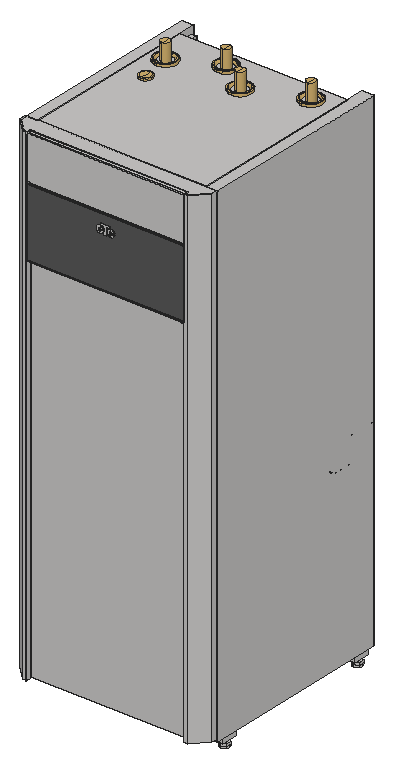
Revit family "HVAC_Heaters_Enertech_CTC-EcoPart-i600M", category Specialty Equipment, Revit 2018
Family settings
  Round Connector Dimension = Use Diameter
  Part Type = Normal
  OmniClass Number = 23.75.00.00
  OmniClass Title = Climate Control (HVAC)
  Work Plane-Based = No
  Always vertical = No
  Cut with Voids When Loaded = No
  Shared = No
  Room Calculation Point = No
Parameters (values of type "EcoPart i608M - 400V3N")
  Weight = "275 kg"
  WaterVolumeWaterSuply = "1.7 L"
  WaterVolumeHeathingSystem = "229 L"
  WarrantyStartDate [instance] = "n/a"
  WarrantyGuarantorParts = "n/a"
  WarrantyGuarantorLabor = "n/a"
  WarrantyDurationUnit = "Year"
  WarrantyDurationParts = "n/a"
  WarrantyDurationLabor = "n/a"
  WarrantyDescription = "n/a"
  VersionDate = "24/08/2021"  # constant formula
  Version = "1"  # constant formula
  UsageCurrent = 0 A
  Uniclass2015Reference = "Pr_40_70_65"
  Uniclass2015Description = "Preparation catering equipment"
  Uniclass2 = "Pr_40_70_65"
  URL = "https://ctc-heating.com/products/ground-source-heating"
  UNSPSCCode = "40101806"
  Type Comments = ""
  Touchscreen = "yes"
  TagNumber [instance] = "n/a"
  SustainabilityPerformance = "n/a"
  Status = "n/a"
  SpecifiedOutput = "6.08 kW"
  SoundPowerLWA = "34 dB"
  Sound pressureLPA 5m = "N/A"
  Sound pressureLPA 1m = "29 dB"
  Sound pressureLPA 10m = "N/A"
  Size = "673x596x1876 mm"
  Shape = "Rectangular"
  SerialNumber [instance] = "7310 xxxx xxxx"
  SEERWarm = "N/A"
  SEERModerate = "N/A"
  SEERCold = "N/A"
  SCOPWarm = "5.4"
  SCOPModerate = "5.4"
  SCOPCold = "5.6"
  Revision = "n/a"  # constant formula
  ReplacementCost = "n/a"
  RefrigerantType = "R407C"
  RefrigerantQuantity = "2.40 kg"
  ReferenceAirFlowRate = "N/A"
  Reference = "n/a"
  RatedVoltage = 1200 V
  RatedHeatOutputModerate = "7 kW"
  RatedCurrent = 15.2 A
  PumpMainMaterial = Stainless Steel
  ProductInformation = "The CTC EcoPart i600M is speed-controlled, compact geothermal heat pumps with control and separate hot water preparation. To fit most properties, the CTC EcoPart i600M is available in  in three sizes, which enables it to be utilised in most properties."
  Product data url = ""
  PowerFactor = 0 W
  PhaseReference = "n/a"
  PhaseAngle = 0.00°
  OutputRangeIimmersionHeater = "0.3-5.8 kW"
  OutputRange = "2.3-7.7 kW"
  NumberOfPoles = 3
  NominalWidth = 596 mm
  NominalVoltage = 400 V
  NominalHeight = 1579 mm
  NominalFrequencyRange = 50 Hz
  NominalDepth = 673 mm
  NominalCurrent = 0 A
  Name = "CTC-EcoPart-i600M"  # constant formula
  NBSReference = "90-40-40/320"
  NBSDescription = "Air to water heat pumps"
  ModelReference = "n/a"
  ModelNumber = "n/a"
  MinimumCeilingHeight = "1940 mm"
  MaxStartingCurrent = "N/A"
  MaxOperatingPressureThermalStore = "3 bar"
  MaxOperatingPressureHotWater = "10 bar"
  MaxAirFlowRate = "N/A"
  Material = "Steel/copper"
  ManufacturerURL = "https://ctc.se/"
  ManufacturerName = "Enertech AB"
  Model = "CTC EcoPart i608M"
  ManufacturerCountry = "Sweden"
  Manufacturer = "Enertech AB"
  InsulationStandardClass = "n/a"
  InstallationDate [instance] = "n/a"
  InPutPower = "1.27 kW"
  IfcExportType = "HEATER"  # constant formula
  IfcExportAs = "IfcElectricalDeviceCommon"  # constant formula
  IP_Code = "IP X1"
  HotTapWaterPerformance = "210 - 304 L"
  HasProtectiveEarth = yes
  GroupFuse = "16 A"
  Grade = "n/a"
  Finish = "n/a"
  Features = "n/a"
  ExpectedLife = "n/a"
  EnergyClass_HotWater_TapProfile = "A/XL"
  EnergyClassHeatingWithoutControl = "A+++/A+++"
  EnergyClassHeatingWithControl = "A+++/A+++"
  ElectricalDeviceNominalPower = 5800 W
  EANNumber = "n/a"
  DurationUnit = "Year"
  Description = "The CTC EcoPart i600M is speed-controlled, compact geothermal heat pumps with control and separate hot water preparation. To fit most properties, the CTC EcoPart i600M is available in  in three sizes, which enables it to be utilised in most properties."
  Cost = 0
  Constituents = "n/a"
  ConductorFunction = "n/a"
  Color = "white"
  CodePerformance = "n/a"
  Capacity = "Variable"
  COP = "4.78 kW"
  CO2Equivalent = "4.258 tonnes"
  BrineSystem_Min_MaxPressure = "0.2-3.0 bar"
  Barcode [instance] = "n/a"
  AssetIdentifier [instance] = "n/a"
  Category = "Heat pumps, Geothermal"
  Brand = "CTC"
  BIMObjectName = "HVAC_Heaters_Enertech_CTC-EcoPart-i600M"  # constant formula
  Author = "BIMStone"  # constant formula
  AssetType = "Fixed"
  Artikel nr. = ""
  AirFlow = "N/A"
  Accessories = ""
  AccessibilityPerformance = "n/a"
Types (3, lengths in mm): name | Weight | SpecifiedOutput | SoundPowerLWA | Sound pressureLPA 1m | SCOPWarm | SCOPModerate | SCOPCold | RefrigerantQuantity | RatedHeatOutputModerate | RatedCurrent | OutputRangeIimmersionHeater | OutputRange | Model | InPutPower | GroupFuse | ElectricalDeviceNominalPower | COP | CO2Equivalent
  EcoPart i608M - 400V3N | "275 kg" | "6.08 kW" | "34 dB" | "29 dB" | "5.4" | "5.4" | "5.6" | "2.40 kg" | "7 kW" | 15.2 A | "0.3-5.8 kW" | "2.3-7.7 kW" | "CTC EcoPart i608M" | "1.27 kW" | "16 A" | 5800 W | "4.78 kW" | "4.258 tonnes"
  EcoPart i612M - 400V3N | "275 kg" | "6.08 kW" | "39 dB" | "34 dB" | "5.2" | "5.4" | "5.5" | "2.40 kg" | "10 kW" | 22.7 A | "0.3-9 kW" | "2.3-12.1 kW" | "CTC EcoPart i612M" | "1.27 kW" | "25 A" | 9000 W | "4.78 kW" | "4.258 tonnes"
  EcoPart i616M - 400V3N | "278 kg" | "10.52 kW" | "42 dB" | "37 dB" | "5.2" | "5.2" | "5.5" | "2.20 kg" | "16 kW" | 23.8 A | "0.3-9 kW" | "4.2-15.6 kW" | "CTC EcoPart i616M" | "2.34 kW" | "25 A" | 9000 W | "4.50 kW" | "3.903 tonnes"
Reference planes
  plane 1 "Center (Front/Back)": y = 0
  plane 2: z = 0
  plane 3 "Center (Left/Right)": x = 0
  plane 4: z = 1579
  plane 5: y = 336.5
  plane 6: y = -336.5
  plane 7: x = -298
  plane 8: x = 298
Dimensions and locks
  "NominalHeight": plane 4 to level
  equal spacing: plane 5, plane 1 "Center (Front/Back)", plane 6
  "NominalDepth": plane 5 to plane 6
  equal spacing: plane 7, plane 3 "Center (Left/Right)", plane 8
  "NominalWidth": plane 7 to plane 8
  aligned and locked: level to plane 2
Nested families
  nested 1: "EcoPart-i600" at (0, 0, 0), Body <- "PumpMainMaterial", type "EcoPart-i600"
    with Pipes Brass, Glass Black, Body Stainless Steel
Definition of nested family "EcoPart-i600"
  Parameters (values of type "EcoPart-i612M")
    Pipes [instance] = none
    Glass [instance] = none
    Body [instance] = none
  Reference planes
    plane 1 "Center (Front/Back)": y = 0
    plane 2: z = 0
    plane 3 "Center (Left/Right)": x = 0
    plane 4: y = 336.701
    plane 5: y = -336.701
    plane 6: x = -298.5
    plane 7: x = 298.5
    plane 8: z = 1579
  Forms (mm)
    Extrusion 1, solid, material <- "Body", detail levels medium+fine
      sketch origin (0, 0, 0) x (1, 0, 0) y (0, 1, 0)
        loop
          line (297, 336.701) -> (264, 336.701)
          arc (264, 336.701) -> (263.293, 336.409) -> (263, 335.701) r 1
          line (263, 335.701) -> (263, -270.299)
          arc (263, -270.299) -> (263.293, -271.006) -> (264, -271.299) r 1
          line (264, -271.299) -> (297, -271.299)
          arc (297, -271.299) -> (297.707, -271.006) -> (298, -270.299) r 1
          line (298, -270.299) -> (298, 335.701)
          arc (298, 335.701) -> (297.707, 336.409) -> (297, 336.701) r 1
        loop
          arc (-297, 336.701) -> (-297.707, 336.409) -> (-298, 335.701) r 1
          line (-298, 335.701) -> (-298, -270.299)
          arc (-298, -270.299) -> (-297.707, -271.006) -> (-297, -271.299) r 1
          line (-297, -271.299) -> (-264, -271.299)
          arc (-264, -271.299) -> (-263.293, -271.006) -> (-263, -270.299) r 1
          line (-263, -270.299) -> (-263, 335.701)
          arc (-263, 335.701) -> (-263.293, 336.409) -> (-264, 336.701) r 1
          line (-264, 336.701) -> (-297, 336.701)
      from 40 to 1578
    Extrusion 2, solid, material <- "Body", detail levels medium+fine
      sketch origin (0, 0, 0) x (1, 0, 0) y (0, 1, 0)
        loop
          arc (-246.5, -336.701) -> (-245.439, -336.262) -> (-245, -335.201) r 1.5
          line (-245, -335.201) -> (-245, -323.601) -> (-245.8, -323.601) -> (-245.8, -335.201)
          arc (-245.8, -335.201) -> (-246.005, -335.696) -> (-246.5, -335.901) r 0.7
          line (-246.5, -335.901) -> (-256.169, -335.901) -> (-297.7, -294.37) -> (-297.7, -276.512) -> (-296.267, -274.465) -> (-296.922, -274.006) -> (-298.5, -276.26) -> (-298.5, -294.701) -> (-256.5, -336.701) -> (-246.5, -336.701)
        loop
          line (246.5, -336.701) -> (256.5, -336.701) -> (298.5, -294.701) -> (298.5, -276.26) -> (296.922, -274.006) -> (296.267, -274.465) -> (297.7, -276.512) -> (297.7, -294.37) -> (256.169, -335.901) -> (246.5, -335.901)
          arc (246.5, -335.901) -> (246.005, -335.696) -> (245.8, -335.201) r 0.7
          line (245.8, -335.201) -> (245.8, -323.601) -> (245, -323.601) -> (245, -335.201)
          arc (245, -335.201) -> (245.439, -336.262) -> (246.5, -336.701) r 1.5
      from 48.4 to 1579
    Extrusion 3, solid, material <- "Body", detail levels medium+fine
      sketch origin (0, 0, 0) x (1, 0, 0) y (0, 1, 0)
        loop
          line (-297.3, -278.84) -> (-297.3, -293.79)
          arc (-297.3, -293.79) -> (-297.224, -294.173) -> (-297.007, -294.497) r 1
          line (-297.007, -294.497) -> (-256.296, -335.209)
          arc (-256.296, -335.209) -> (-255.971, -335.425) -> (-255.589, -335.501) r 1
          line (-255.589, -335.501) -> (-247.2, -335.501)
          arc (-247.2, -335.501) -> (-246.493, -335.209) -> (-246.2, -334.501) r 1
          line (-246.2, -334.501) -> (-246.2, -317.001) -> (246.2, -317.001) -> (246.2, -334.501)
          arc (246.2, -334.501) -> (246.493, -335.209) -> (247.2, -335.501) r 1
          line (247.2, -335.501) -> (255.589, -335.501)
          arc (255.589, -335.501) -> (255.971, -335.425) -> (256.296, -335.209) r 1
          line (256.296, -335.209) -> (297.007, -294.497)
          arc (297.007, -294.497) -> (297.224, -294.173) -> (297.3, -293.79) r 1
          line (297.3, -293.79) -> (297.3, -278.84) -> (294.794, -274.499) -> (294.794, -271.299) -> (-294.794, -271.299) -> (-294.794, -274.499) -> (-297.3, -278.84)
      from 48.4 to 1578
    Extrusion 4, solid, material <- "Body", detail levels medium+fine
      sketch origin (0, 0, 0) x (0, 1, 0) y (0, 0, 1)
        loop
          arc (-334.201, 1579) -> (-335.262, 1578.561) -> (-335.701, 1577.5) r 1.5
          line (-335.701, 1577.5) -> (-335.701, 1439.9)
          arc (-335.701, 1439.9) -> (-335.262, 1438.839) -> (-334.201, 1438.4) r 1.5
          line (-334.201, 1438.4) -> (-325.701, 1438.4)
          arc (-325.701, 1438.4) -> (-324.994, 1438.693) -> (-324.701, 1439.4) r 1
          line (-324.701, 1439.4) -> (-324.701, 1578)
          arc (-324.701, 1578) -> (-324.994, 1578.707) -> (-325.701, 1579) r 1
          line (-325.701, 1579) -> (-334.201, 1579)
      from -245 to 245
    Extrusion 5, solid, material <- "Body", detail levels medium+fine
      sketch origin (0, 0, 16) x (0, 1, 0) y (0, 0, 1)
        loop
          line (-330.701, 1420.4) -> (-330.701, 1421.3)
          arc (-330.701, 1421.3) -> (-330.877, 1421.724) -> (-331.301, 1421.9) r 0.6
          line (-331.301, 1421.9) -> (-332.601, 1421.9)
          arc (-332.601, 1421.9) -> (-333.026, 1421.724) -> (-333.201, 1421.3) r 0.6
          line (-333.201, 1421.3) -> (-333.201, 1420.4) -> (-334.201, 1420.4) -> (-334.201, 1421.3)
          arc (-334.201, 1421.3) -> (-334.377, 1421.724) -> (-334.801, 1421.9) r 0.6
          line (-334.801, 1421.9) -> (-336.069, 1421.9) -> (-336.701, 1421.268) -> (-336.701, 1418.532) -> (-336.069, 1417.9) -> (-333.201, 1417.9) -> (-333.201, 1206.9) -> (-336.069, 1206.9) -> (-336.701, 1206.268) -> (-336.701, 1203.532) -> (-336.069, 1202.9) -> (-334.201, 1202.9) -> (-334.201, 1204.4) -> (-333.201, 1204.4) -> (-333.201, 1202.9) -> (-330.701, 1202.9) -> (-330.701, 1210.4) -> (-325.201, 1210.4) -> (-325.201, 1205.4) -> (-322.701, 1205.4) -> (-322.701, 1218.9) -> (-325.201, 1218.9) -> (-325.201, 1212.9) -> (-330.701, 1212.9) -> (-330.701, 1277.9) -> (-322.701, 1277.9) -> (-322.701, 1280.4) -> (-330.701, 1280.4) -> (-330.701, 1363.4) -> (-322.701, 1363.4) -> (-322.701, 1365.9) -> (-330.701, 1365.9) -> (-330.701, 1417.9) -> (-325.201, 1417.9) -> (-325.201, 1412.9) -> (-322.701, 1412.9) -> (-322.701, 1420.4) -> (-330.701, 1420.4)
      from -245 to 245
    Extrusion 6, solid, material <- "Glass", detail levels medium+fine
      sketch origin (0, 0, 16) x (0, 1, 0) y (0, 0, 1)
        loop
          line (-335.181, 1207.405) -> (-333.381, 1207.405) -> (-333.381, 1417.405) -> (-335.181, 1417.405) -> (-335.181, 1207.405)
      from -245 to 245
    Extrusion 7, solid, material <- "Body", detail levels medium+fine
      sketch origin (0, 0, 0) x (1, 0, 0) y (0, 0, 1)
        loop
          line (-4.399, 1400.32) -> (-4.39, 1377.9) -> (4.181, 1377.9) -> (4.181, 1400.327) -> (13.041, 1400.327) -> (13.041, 1406.314) -> (-13.256, 1406.314) -> (-13.256, 1400.31) -> (-4.399, 1400.32)
        loop
          spline (-6.162, 1391.351) -> (-6.25, 1392.417) -> (-6.511, 1393.466) -> (-6.942, 1394.478) -> (-7.535, 1395.437) -> (-8.281, 1396.326) -> (-9.165, 1397.129) -> (-10.173, 1397.834) -> (-11.289, 1398.428) -> (-12.491, 1398.901) -> (-13.762, 1399.244) -> (-15.077, 1399.453) -> (-16.415, 1399.523)
          spline (-16.415, 1399.523) -> (-19.307, 1399.154) -> (-22.002, 1398.074) -> (-24.316, 1396.356) -> (-26.091, 1394.117) -> (-27.208, 1391.51) -> (-27.588, 1388.711) -> (-27.208, 1385.913) -> (-26.091, 1383.306) -> (-24.316, 1381.067) -> (-22.002, 1379.348) -> (-19.307, 1378.268) -> (-16.415, 1377.9)
          spline (-16.415, 1377.9) -> (-15.049, 1377.973) -> (-13.707, 1378.19) -> (-12.413, 1378.548) -> (-11.191, 1379.04) -> (-10.062, 1379.658) -> (-9.046, 1380.39) -> (-8.161, 1381.223) -> (-7.424, 1382.143) -> (-6.848, 1383.133) -> (-6.442, 1384.176) -> (-6.214, 1385.252) -> (-6.167, 1386.343)
          line (-6.167, 1386.343) -> (-13.475, 1386.343)
          spline (-13.475, 1386.343) -> (-14.388, 1384.213) -> (-15.726, 1383.014) -> (-17.221, 1382.985) -> (-18.573, 1384.133) -> (-19.51, 1386.227) -> (-19.845, 1388.847) -> (-19.51, 1391.467) -> (-18.573, 1393.56) -> (-17.221, 1394.708) -> (-15.726, 1394.68) -> (-14.388, 1393.48) -> (-13.475, 1391.351)
          line (-13.475, 1391.351) -> (-6.162, 1391.351)
        loop
          spline (27.504, 1391.351) -> (27.417, 1392.417) -> (27.155, 1393.466) -> (26.724, 1394.478) -> (26.131, 1395.437) -> (25.385, 1396.326) -> (24.501, 1397.129) -> (23.493, 1397.834) -> (22.377, 1398.428) -> (21.175, 1398.901) -> (19.905, 1399.244) -> (18.589, 1399.453) -> (17.251, 1399.523)
          spline (17.251, 1399.523) -> (14.359, 1399.154) -> (11.664, 1398.074) -> (9.35, 1396.356) -> (7.575, 1394.117) -> (6.458, 1391.51) -> (6.078, 1388.711) -> (6.458, 1385.913) -> (7.575, 1383.306) -> (9.35, 1381.067) -> (11.664, 1379.348) -> (14.359, 1378.268) -> (17.251, 1377.9)
          spline (17.251, 1377.9) -> (18.617, 1377.973) -> (19.959, 1378.19) -> (21.253, 1378.548) -> (22.475, 1379.04) -> (23.604, 1379.658) -> (24.62, 1380.39) -> (25.505, 1381.223) -> (26.242, 1382.143) -> (26.818, 1383.133) -> (27.224, 1384.176) -> (27.453, 1385.252) -> (27.499, 1386.343)
          line (27.499, 1386.343) -> (20.191, 1386.343)
          spline (20.191, 1386.343) -> (19.278, 1384.213) -> (17.94, 1383.014) -> (16.445, 1382.985) -> (15.093, 1384.133) -> (14.156, 1386.227) -> (13.821, 1388.847) -> (14.156, 1391.467) -> (15.093, 1393.56) -> (16.445, 1394.708) -> (17.94, 1394.68) -> (19.278, 1393.48) -> (20.191, 1391.351)
          line (20.191, 1391.351) -> (27.504, 1391.351)
      from 333.381 to 335.681
    Extrusion 8, solid, material <- "Body", detail levels medium+fine
      sketch origin (0, 0, 0) x (1, 0, 0) y (0, 1, 0)
        loop
          arc (-261.5, 281.001) -> (-262.207, 280.709) -> (-262.5, 280.001) r 1
          line (-262.5, 280.001) -> (-262.5, -270.299)
          arc (-262.5, -270.299) -> (-262.207, -271.006) -> (-261.5, -271.299) r 1
          line (-261.5, -271.299) -> (261.5, -271.299)
          arc (261.5, -271.299) -> (262.207, -271.006) -> (262.5, -270.299) r 1
          line (262.5, -270.299) -> (262.5, 280.001)
          arc (262.5, 280.001) -> (262.207, 280.709) -> (261.5, 281.001) r 1
          line (261.5, 281.001) -> (-261.5, 281.001)
      from 1558 to 1578
    Extrusion 9, solid, material <- "Body", detail levels medium+fine
      sketch origin (0, 0, 0) x (1, 0, 0) y (0, 1, 0)
        loop
          line (245, 281.001) -> (-245, 281.001) -> (-245, 324.751)
          arc (-245, 324.751) -> (-245.439, 325.812) -> (-246.5, 326.251) r 1.5
          line (-246.5, 326.251) -> (-262, 326.251) -> (-262, 264.001) -> (262, 264.001) -> (262, 326.251) -> (246.5, 326.251)
          arc (246.5, 326.251) -> (245.439, 325.812) -> (245, 324.751) r 1.5
          line (245, 324.751) -> (245, 281.001)
      from 650.3 to 1558
    Extrusion 10, solid, material <- "Body", detail levels medium+fine
      sketch origin (0, 0, 0) x (1, 0, 0) y (0, 1, 0)
        loop
          line (248, 325.551) -> (248, 324.551) -> (263, 324.551) -> (263, 325.551) -> (248, 325.551)
      from 102 to 1557.1
    Extrusion 11, solid, material <- "Body", detail levels medium+fine
      sketch origin (0, 0, 0) x (0, 1, 0) y (0, 0, 1)
        loop
          arc (324.201, 576) -> (323.323, 578.121) -> (321.201, 579) r 3
          line (321.201, 579) -> (-109.799, 579) -> (-109.799, 577) -> (321.201, 577)
          arc (321.201, 577) -> (321.909, 576.707) -> (322.201, 576) r 1
          line (322.201, 576) -> (322.201, 40) -> (324.201, 40) -> (324.201, 576)
      from -263 to 263
    Extrusion 12, void
      sketch origin (0, 0, 0) x (0, 1, 0) y (0, 0, 1)
        loop
          line (333.701, 665.5) -> (258.701, 665.5) -> (258.701, 663.5) -> (333.701, 663.5) -> (333.701, 665.5)
        loop
          line (256.701, 665.5) -> (193.701, 665.5)
          arc (193.701, 665.5) -> (166.126, 654.282) -> (154.214, 627) r 39.5
          line (154.214, 627) -> (156.215, 627)
          arc (156.215, 627) -> (167.541, 652.868) -> (193.701, 663.5) r 37.5
          line (193.701, 663.5) -> (256.701, 663.5) -> (256.701, 665.5)
        loop
          line (193.701, 586.5) -> (256.701, 586.5) -> (256.701, 588.5) -> (193.701, 588.5)
          arc (193.701, 588.5) -> (167.541, 599.132) -> (156.215, 625) r 37.5
          line (156.215, 625) -> (154.214, 625)
          arc (154.214, 625) -> (166.126, 597.718) -> (193.701, 586.5) r 39.5
        loop
          line (333.701, 588.5) -> (258.701, 588.5) -> (258.701, 586.5) -> (333.701, 586.5) -> (333.701, 588.5)
        loop
          line (333.701, 645) -> (333.701, 661) -> (331.701, 661) -> (331.701, 645) -> (333.701, 645)
        loop
          line (333.701, 627) -> (333.701, 643) -> (331.701, 643) -> (331.701, 627) -> (333.701, 627)
        loop
          line (333.701, 609) -> (333.701, 625) -> (331.701, 625) -> (331.701, 609) -> (333.701, 609)
        loop
          line (333.701, 591) -> (333.701, 607) -> (331.701, 607) -> (331.701, 591) -> (333.701, 591)
      from -300 to 300
    Extrusion 13, solid, material <- "Body", detail levels medium+fine
      sketch origin (0, 0, 0) x (0, 1, 0) y (0, 0, 1)
        loop
          arc (202.616, 10.242) -> (201.202, 9.656) -> (199.788, 10.242) r 2
          line (199.788, 10.242) -> (191.201, 18.828)
          arc (191.201, 18.828) -> (189.904, 19.696) -> (188.373, 20) r 4
          line (188.373, 20) -> (170.03, 20)
          arc (170.03, 20) -> (168.499, 19.696) -> (167.201, 18.828) r 4
          line (167.201, 18.828) -> (158.615, 10.242)
          arc (158.615, 10.242) -> (157.201, 9.656) -> (155.786, 10.242) r 2
          line (155.786, 10.242) -> (147.619, 18.409) -> (146.205, 16.995) -> (154.372, 8.828)
          arc (154.372, 8.828) -> (157.201, 7.656) -> (160.029, 8.828) r 4
          line (160.029, 8.828) -> (168.616, 17.414)
          arc (168.616, 17.414) -> (169.264, 17.848) -> (170.03, 18) r 2
          line (170.03, 18) -> (188.373, 18)
          arc (188.373, 18) -> (189.138, 17.848) -> (189.787, 17.414) r 2
          line (189.787, 17.414) -> (198.374, 8.828)
          arc (198.374, 8.828) -> (201.202, 7.656) -> (204.031, 8.828) r 4
          line (204.031, 8.828) -> (212.198, 16.995) -> (210.783, 18.409) -> (202.616, 10.242)
        loop
          arc (-77.384, 10.242) -> (-78.798, 9.656) -> (-80.212, 10.242) r 2
          line (-80.212, 10.242) -> (-88.799, 18.828)
          arc (-88.799, 18.828) -> (-90.096, 19.696) -> (-91.627, 20) r 4
          line (-91.627, 20) -> (-109.97, 20)
          arc (-109.97, 20) -> (-111.501, 19.696) -> (-112.799, 18.828) r 4
          line (-112.799, 18.828) -> (-121.385, 10.242)
          arc (-121.385, 10.242) -> (-122.799, 9.656) -> (-124.214, 10.242) r 2
          line (-124.214, 10.242) -> (-132.381, 18.409) -> (-133.795, 16.995) -> (-125.628, 8.828)
          arc (-125.628, 8.828) -> (-122.799, 7.656) -> (-119.971, 8.828) r 4
          line (-119.971, 8.828) -> (-111.384, 17.414)
          arc (-111.384, 17.414) -> (-110.736, 17.848) -> (-109.97, 18) r 2
          line (-109.97, 18) -> (-91.627, 18)
          arc (-91.627, 18) -> (-90.862, 17.848) -> (-90.213, 17.414) r 2
          line (-90.213, 17.414) -> (-81.626, 8.828)
          arc (-81.626, 8.828) -> (-78.798, 7.656) -> (-75.969, 8.828) r 4
          line (-75.969, 8.828) -> (-67.802, 16.995) -> (-69.217, 18.409) -> (-77.384, 10.242)
      from -255 to 255
    Extrusion 14, solid, material <- "Body", detail levels medium+fine
      sketch origin (0, 0, 0) x (1, 0, 0) y (0, 1, 0)
        loop
          line (-292.5, 322.201) -> (-292.5, 272.201) -> (-262.5, 272.201) -> (-262.5, 322.201) -> (-292.5, 322.201)
        loop
          line (-292.5, -194.799) -> (-292.5, -244.799) -> (-262.5, -244.799) -> (-262.5, -194.799) -> (-292.5, -194.799)
        loop
          line (292.5, 322.201) -> (262.5, 322.201) -> (262.5, 272.201) -> (292.5, 272.201) -> (292.5, 322.201)
        loop
          line (292.5, -194.799) -> (262.5, -194.799) -> (262.5, -244.799) -> (292.5, -244.799) -> (292.5, -194.799)
      from 20 to 40
    Extrusion 15, solid, material <- "Body", detail levels medium+fine
      sketch origin (0, 0, 0) x (0, 1, 0) y (0, 0, 1)
        loop
          line (322.201, 82) -> (320.201, 82) -> (320.201, 40) -> (-244.799, 40) -> (-244.799, 23)
          arc (-244.799, 23) -> (-243.92, 20.879) -> (-241.799, 20) r 3
          line (-241.799, 20) -> (319.201, 20)
          arc (319.201, 20) -> (321.323, 20.879) -> (322.201, 23) r 3
          line (322.201, 23) -> (322.201, 82)
      from -262.5 to 262.5
    Extrusion 16, solid, material <- "Body", detail levels medium+fine
      sketch origin (0, 0, 0) x (1, 0, 0) y (0, 1, 0)
        loop
          line (-279.5, 311.491) -> (-291.875, 304.346) -> (-291.875, 290.057) -> (-279.5, 282.912) -> (-267.125, 290.057) -> (-267.125, 304.346) -> (-279.5, 311.491)
        loop
          line (279.5, 311.491) -> (267.125, 304.346) -> (267.125, 290.057) -> (279.5, 282.912) -> (291.875, 290.057) -> (291.875, 304.346) -> (279.5, 311.491)
        loop
          line (-279.5, -205.509) -> (-291.875, -212.654) -> (-291.875, -226.943) -> (-279.5, -234.088) -> (-267.125, -226.943) -> (-267.125, -212.654) -> (-279.5, -205.509)
        loop
          line (279.5, -205.509) -> (267.125, -212.654) -> (267.125, -226.943) -> (279.5, -234.088) -> (291.875, -226.943) -> (291.875, -212.654) -> (279.5, -205.509)
      from 4 to 12
    Extrusion 17, solid, material <- "Body", detail levels medium+fine
      sketch origin (0, 0, 0) x (1, 0, 0) y (0, 1, 0)
        loop
          circle (-279.5, 297.201) r 14.5
        loop
          circle (279.5, 297.201) r 14.5
        loop
          circle (-279.5, -219.799) r 14.5
        loop
          circle (279.5, -219.799) r 14.5
      from 0 to 4
    Extrusion 18, solid, material <- "Body", detail levels medium+fine
      sketch origin (0, 0, 0) x (1, 0, 0) y (0, 1, 0)
        loop
          circle (-279.5, 297.201) r 5
        loop
          circle (279.5, 297.201) r 5
        loop
          circle (-279.5, -219.799) r 5
        loop
          circle (279.5, -219.799) r 5
      from 20 to 12
    Revolve 19, solid, material <- "Pipes", detail levels medium+fine
      sketch origin (-70.5, 0, 0) x (0, 1, 0) y (0, 0, 1)
        loop
          line (222.701, 1631.8) -> (208.701, 1631.8) -> (208.701, 1563.447) -> (222.701, 1563.447) -> (222.701, 1631.8)
        axis (222.701, 1563.447) -> (222.701, 1631.8)
      angle from 0 to 360
    Revolve 20, solid, material <- "Pipes", detail levels medium+fine
      sketch origin (-206.5, -66.5, 0.2) x (0, 1, 0) y (0, 0, 1)
        loop
          line (222.701, 1631.8) -> (208.701, 1631.8) -> (208.701, 1563.447) -> (222.701, 1563.447) -> (222.701, 1631.8)
        axis (222.701, 1563.447) -> (222.701, 1631.8)
      angle from 0 to 360
    Revolve 21, solid, material <- "Pipes", detail levels medium+fine
      sketch origin (26.5, -66.5, 0.2) x (0, 1, 0) y (0, 0, 1)
        loop
          line (222.701, 1631.8) -> (208.701, 1631.8) -> (208.701, 1563.447) -> (222.701, 1563.447) -> (222.701, 1631.8)
        axis (222.701, 1563.447) -> (222.701, 1631.8)
      angle from 0 to 360
    Revolve 22, solid, material <- "Pipes", detail levels medium+fine
      sketch origin (194.5, 0, 0) x (0, 1, 0) y (0, 0, 1)
        loop
          line (222.701, 1631.8) -> (208.701, 1631.8) -> (208.701, 1563.447) -> (222.701, 1563.447) -> (222.701, 1631.8)
        axis (222.701, 1563.447) -> (222.701, 1631.8)
      angle from 0 to 360
    Revolve 23, solid, material <- "Pipes", detail levels medium+fine
      sketch origin (-70.5, 0, 0) x (0, 1, 0) y (0, 0, 1)
        loop
          line (251.243, 1585) -> (247.201, 1578) -> (257.221, 1578) -> (257.221, 1584.015) -> (254.901, 1585) -> (251.243, 1585)
        axis (222.701, 1578) -> (222.701, 1585)
      angle from 0 to 360
    Revolve 24, solid, material <- "Pipes", detail levels medium+fine
      sketch origin (-206.5, -66.5, 0) x (0, 1, 0) y (0, 0, 1)
        loop
          line (251.243, 1585) -> (247.201, 1578) -> (257.221, 1578) -> (257.221, 1584.015) -> (254.901, 1585) -> (251.243, 1585)
        axis (222.701, 1578) -> (222.701, 1585)
      angle from 0 to 360
    Revolve 25, solid, material <- "Pipes", detail levels medium+fine
      sketch origin (26.5, -66.5, 0) x (0, 1, 0) y (0, 0, 1)
        loop
          line (251.243, 1585) -> (247.201, 1578) -> (257.221, 1578) -> (257.221, 1584.015) -> (254.901, 1585) -> (251.243, 1585)
        axis (222.701, 1578) -> (222.701, 1585)
      angle from 0 to 360
    Revolve 26, solid, material <- "Pipes", detail levels medium+fine
      sketch origin (194.5, 0, 0) x (0, 1, 0) y (0, 0, 1)
        loop
          line (251.243, 1585) -> (247.201, 1578) -> (257.221, 1578) -> (257.221, 1584.015) -> (254.901, 1585) -> (251.243, 1585)
        axis (222.701, 1578) -> (222.701, 1585)
      angle from 0 to 360
    Revolve 27, solid, material <- "Pipes", detail levels medium+fine
      sketch origin (-150, 0, 0) x (0, 1, 0) y (0, 0, 1)
        loop
          line (270.001, 1511.3) -> (326.001, 1511.3) -> (326.001, 1522.241)
          arc (326.001, 1522.241) -> (324.042, 1527.069) -> (319.271, 1529.166) r 6.929
          line (319.271, 1529.166) -> (317.953, 1531.45) -> (304.201, 1531.45) -> (304.201, 1527.45) -> (290.001, 1527.45) -> (290.001, 1531.45) -> (288.989, 1533.203) -> (278.301, 1533.203) -> (278.301, 1529.348) -> (270.001, 1529.348) -> (270.001, 1511.3)
        axis (326.001, 1511.3) -> (270.001, 1511.3)
      angle from 0 to 360
    Revolve 28, solid, material <- "Pipes", detail levels medium+fine
      sketch origin (-192.5, 0, 0) x (0, 1, 0) y (0, 0, 1)
        loop
          line (62.251, 1584.5) -> (62.251, 1578) -> (81.251, 1578) -> (81.251, 1583.5)
          arc (81.251, 1583.5) -> (80.959, 1584.207) -> (80.251, 1584.5) r 1
          line (80.251, 1584.5) -> (62.251, 1584.5)
        axis (62.251, 1578) -> (62.251, 1584.5)
      angle from 0 to 360
    Extrusion 29, solid, material <- "Body", detail levels coarse
      sketch origin (0, 0, 0) x (1, 0, 0) y (0, 1, 0)
        loop
          line (-298.5, 336.701) -> (-298.5, -336.701) -> (298.5, -336.701) -> (298.5, 336.701) -> (-298.5, 336.701)
      from 0 to 1579
  Cuts and joins
    Extrusion 12 cuts Extrusion 1
  Lines and regions (mm)
    symbolic lines, detail levels medium+fine
      curve 1: line (0, 336.701, 48) -> (0, 324.11, 48)
      curve 2: line (0, 324.11, 40) -> (0, 324.11, 48)
      curve 3: line (0, 324.11, 40) -> (0, 322.201, 40)
      curve 4: line (0, 322.201, 40) -> (0, 322.201, 20)
      curve 5: line (0, 322.201, 20) -> (0, 302.201, 20)
      curve 6: line (0, 302.201, 12) -> (0, 302.201, 20)
      curve 7: line (0, 311.491, 12) -> (0, 302.201, 12)
      curve 8: line (0, 311.491, 12) -> (0, 311.491, 0)
      curve 9: line (0, 282.912, 12) -> (0, 292.201, 12)
      curve 10: line (0, 282.912, 12) -> (0, 282.912, 0)
      curve 11: line (0, 292.201, 20) -> (0, 292.201, 12)
      curve 13: line (0, 311.491, 0) -> (0, 282.912, 0)
      curve 15: line (0, 191.201, 18.828) -> (0, 199.788, 10.242)
      curve 16: arc (0, 199.788, 10.242) -> (0, 201.202, 9.656) -> (0, 202.616, 10.242) r 2
      curve 17: line (0, 202.616, 10.242) -> (0, 210.783, 18.409)
      curve 18: line (0, 210.783, 18.409) -> (0, 212.198, 16.995)
      curve 19: line (0, 212.198, 16.995) -> (0, 204.031, 8.828)
      curve 20: arc (0, 204.031, 8.828) -> (0, 201.202, 7.656) -> (0, 198.374, 8.828) r 4
      curve 21: line (0, 198.374, 8.828) -> (0, 189.787, 17.414)
      curve 22: arc (0, 189.787, 17.414) -> (0, 189.138, 17.848) -> (0, 188.373, 18) r 2
      curve 23: line (0, 188.373, 18) -> (0, 170.03, 18)
      curve 24: arc (0, 170.03, 18) -> (0, 169.264, 17.848) -> (0, 168.616, 17.414) r 2
      curve 25: line (0, 168.616, 17.414) -> (0, 160.029, 8.828)
      curve 26: arc (0, 160.029, 8.828) -> (0, 157.201, 7.656) -> (0, 154.372, 8.828) r 4
      curve 27: line (0, 154.372, 8.828) -> (0, 146.205, 16.995)
      curve 28: line (0, 146.205, 16.995) -> (0, 147.619, 18.409)
      curve 29: line (0, 147.619, 18.409) -> (0, 155.786, 10.242)
      curve 30: arc (0, 155.786, 10.242) -> (0, 157.201, 9.656) -> (0, 158.615, 10.242) r 2
      curve 31: line (0, 158.615, 10.242) -> (0, 167.201, 18.828)
      curve 32: arc (0, 167.201, 18.828) -> (0, 168.499, 19.696) -> (0, 170.03, 20) r 4
      curve 34: arc (0, 188.373, 20) -> (0, 189.904, 19.696) -> (0, 191.201, 18.828) r 4
      curve 35: line (0, -88.799, 18.828) -> (0, -80.212, 10.242)
      curve 36: arc (0, -80.212, 10.242) -> (0, -78.798, 9.656) -> (0, -77.384, 10.242) r 2
      curve 37: line (0, -77.384, 10.242) -> (0, -69.217, 18.409)
      curve 38: line (0, -69.217, 18.409) -> (0, -67.802, 16.995)
      curve 39: line (0, -67.802, 16.995) -> (0, -75.969, 8.828)
      curve 40: arc (0, -75.969, 8.828) -> (0, -78.798, 7.656) -> (0, -81.626, 8.828) r 4
      curve 41: line (0, -81.626, 8.828) -> (0, -90.213, 17.414)
      curve 42: arc (0, -90.213, 17.414) -> (0, -90.862, 17.848) -> (0, -91.627, 18) r 2
      curve 43: line (0, -91.627, 18) -> (0, -109.97, 18)
      curve 44: arc (0, -109.97, 18) -> (0, -110.736, 17.848) -> (0, -111.384, 17.414) r 2
      curve 45: line (0, -111.384, 17.414) -> (0, -119.971, 8.828)
      curve 46: arc (0, -119.971, 8.828) -> (0, -122.799, 7.656) -> (0, -125.628, 8.828) r 4
      curve 47: line (0, -125.628, 8.828) -> (0, -133.795, 16.995)
      curve 48: line (0, -133.795, 16.995) -> (0, -132.381, 18.409)
      curve 49: line (0, -132.381, 18.409) -> (0, -124.214, 10.242)
      curve 50: arc (0, -124.214, 10.242) -> (0, -122.799, 9.656) -> (0, -121.385, 10.242) r 2
      curve 51: line (0, -121.385, 10.242) -> (0, -112.799, 18.828)
      curve 52: arc (0, -112.799, 18.828) -> (0, -111.501, 19.696) -> (0, -109.97, 20) r 4
      curve 54: arc (0, -91.627, 20) -> (0, -90.096, 19.696) -> (0, -88.799, 18.828) r 4
      curve 55: line (0, 292.201, 20) -> (0, 188.373, 20)
      curve 56: line (0, 170.03, 20) -> (0, -91.627, 20)
      curve 58: line (0, -214.799, 12) -> (0, -214.799, 20)
      curve 59: line (0, -205.509, 12) -> (0, -214.799, 12)
      curve 60: line (0, -205.509, 12) -> (0, -205.509, 0)
      curve 61: line (0, -234.088, 12) -> (0, -224.799, 12)
      curve 62: line (0, -234.088, 12) -> (0, -234.088, 0)
      curve 63: line (0, -224.799, 20) -> (0, -224.799, 12)
      curve 65: line (0, -205.509, 0) -> (0, -234.088, 0)
      curve 68: line (0, -109.97, 20) -> (0, -214.799, 20)
      curve 69: line (0, -224.799, 20) -> (0, -244.799, 20)
      curve 70: line (0, -244.799, 20) -> (0, -244.799, 40)
      curve 71: line (0, -244.799, 40) -> (0, -271.299, 40)
      curve 72: line (0, -271.299, 40) -> (0, -271.299, 48.4)
      curve 73: line (0, -271.299, 48.4) -> (0, -336.701, 48.4)
      curve 74: line (0, -336.701, 48.4) -> (0, -336.701, 1579)
      curve 75: line (0, -336.701, 1579) -> (0, -274.006, 1579)
      curve 76: line (0, -274.006, 1579) -> (0, 43.251, 1579)
      curve 77: line (0, 336.701, 1579) -> (0, 336.701, 48)
      curve 119: line (0, 257.221, 1584.015) -> (0, 257.221, 1579)
      curve 120: line (0, 257.221, 1584.015) -> (0, 254.901, 1585)
      curve 121: line (0, 254.901, 1585) -> (0, 236.701, 1585)
      curve 122: line (0, 222.701, 1631.8) -> (0, 208.701, 1631.8)
      curve 123: line (0, 208.701, 1631.8) -> (0, 208.701, 1585)
      curve 124: line (0, 189.687, 1584.654) -> (0, 190.501, 1585)
      curve 125: line (0, 190.501, 1585) -> (0, 208.701, 1585)
      curve 126: line (0, 222.701, 1631.8) -> (0, 236.701, 1631.8)
      curve 127: line (0, 236.701, 1631.8) -> (0, 236.701, 1585)
      curve 130: line (0, 257.221, 1579) -> (0, 336.701, 1579)
      curve 133: line (0, 188.401, 1585.2) -> (0, 170.201, 1585.2)
      curve 134: line (0, 156.201, 1632) -> (0, 142.201, 1632)
      curve 135: line (0, 142.201, 1632) -> (0, 142.201, 1585.2)
      curve 136: line (0, 121.682, 1584.215) -> (0, 121.682, 1579)
      curve 137: line (0, 121.682, 1584.215) -> (0, 124.001, 1585.2)
      curve 138: line (0, 124.001, 1585.2) -> (0, 142.201, 1585.2)
      curve 139: line (0, 156.201, 1632) -> (0, 170.201, 1632)
      curve 140: line (0, 170.201, 1632) -> (0, 170.201, 1585.2)
      curve 142: line (0, 80.251, 1584.5) -> (0, 44.251, 1584.5)
      curve 143: line (0, 81.251, 1579) -> (0, 81.251, 1583.5)
      curve 144: arc (0, 81.251, 1583.5) -> (0, 80.959, 1584.207) -> (0, 80.251, 1584.5) r 1
      curve 145: line (0, 43.251, 1579) -> (0, 43.251, 1583.5)
      curve 146: arc (0, 43.251, 1583.5) -> (0, 43.544, 1584.207) -> (0, 44.251, 1584.5) r 1
      curve 147: line (0, 81.251, 1579) -> (0, 121.682, 1579)
      curve 149: line (0, 189.687, 1584.654) -> (0, 188.401, 1585.2)
      curve 150: line (-291.875, 0, 12) -> (-291.875, 0, 4)
      curve 151: line (-291.875, 0, 4) -> (-294, 0, 4)
      curve 152: line (-294, 0, 4) -> (-294, 0, 0)
      curve 153: line (-294, 0, 0) -> (-265, 0, 0)
      curve 154: line (-265, 0, 0) -> (-265, 0, 4)
      curve 155: line (-265, 0, 4) -> (-267.125, 0, 4)
      curve 156: line (-267.125, 0, 4) -> (-267.125, 0, 12)
      curve 157: line (-267.125, 0, 12) -> (-274.5, 0, 12)
      curve 158: line (-284.5, 0, 12) -> (-284.5, 0, 20)
      curve 159: line (-274.5, 0, 20) -> (-274.5, 0, 12)
      curve 161: line (-292.5, 0, 20) -> (-284.5, 0, 20)
      curve 162: line (-284.5, 0, 12) -> (-291.875, 0, 12)
      curve 164: line (-274.5, 0, 20) -> (-255, 0, 20)
      curve 165: line (-255, 0, 20) -> (-255, 0, 7.656)
      curve 166: line (-292.5, 0, 20) -> (-292.5, 0, 40)
      curve 167: line (-292.5, 0, 40) -> (-298.5, 0, 40)
      curve 168: line (-298.5, 0, 1579) -> (-298.5, 0, 40)
      curve 169: line (-255, 0, 7.656) -> (255, 0, 7.656)
      curve 175: line (291.875, 0, 12) -> (291.875, 0, 4)
      curve 176: line (291.875, 0, 4) -> (294, 0, 4)
      curve 177: line (294, 0, 4) -> (294, 0, 0)
      curve 178: line (294, 0, 0) -> (265, 0, 0)
      curve 179: line (265, 0, 0) -> (265, 0, 4)
      curve 180: line (265, 0, 4) -> (267.125, 0, 4)
      curve 181: line (267.125, 0, 4) -> (267.125, 0, 12)
      curve 182: line (267.125, 0, 12) -> (274.5, 0, 12)
      curve 183: line (284.5, 0, 12) -> (284.5, 0, 20)
      curve 184: line (274.5, 0, 20) -> (274.5, 0, 12)
      curve 186: line (292.5, 0, 20) -> (284.5, 0, 20)
      curve 187: line (284.5, 0, 12) -> (291.875, 0, 12)
      curve 189: line (274.5, 0, 20) -> (255, 0, 20)
      curve 190: line (255, 0, 20) -> (255, 0, 7.656)
      curve 191: line (292.5, 0, 20) -> (292.5, 0, 40)
      curve 192: line (292.5, 0, 40) -> (298.5, 0, 40)
      curve 196: line (298.5, 0, 1579) -> (298.5, 0, 40)
      curve 226: line (-84.5, 0, 1585) -> (-102.7, 0, 1585)
      curve 227: line (-102.7, 0, 1585) -> (-105.02, 0, 1584.015)
      curve 228: line (-105.02, 0, 1584.015) -> (-105.02, 0, 1579)
      curve 229: line (-84.5, 0, 1631.8) -> (-84.5, 0, 1585)
      curve 230: line (-56.5, 0, 1631.8) -> (-84.5, 0, 1631.8)
      curve 231: line (-56.5, 0, 1585) -> (-38.3, 0, 1585)
      curve 232: line (-38.3, 0, 1585) -> (-35.98, 0, 1584.015)
      curve 233: line (-35.98, 0, 1584.015) -> (-35.98, 0, 1579)
      curve 234: line (-56.5, 0, 1631.8) -> (-56.5, 0, 1585)
      curve 237: line (-220.5, 0, 1585.2) -> (-238.7, 0, 1585.2)
      curve 238: line (-238.7, 0, 1585.2) -> (-241.02, 0, 1584.215)
      curve 239: line (-241.02, 0, 1584.215) -> (-241.02, 0, 1579)
      curve 240: line (-220.5, 0, 1632) -> (-220.5, 0, 1585.2)
      curve 241: line (-192.5, 0, 1632) -> (-220.5, 0, 1632)
      curve 242: line (-192.5, 0, 1585.2) -> (-174.3, 0, 1585.2)
      curve 243: line (-174.3, 0, 1585.2) -> (-171.98, 0, 1584.215)
      curve 244: line (-171.98, 0, 1584.215) -> (-171.98, 0, 1579)
      curve 245: line (-192.5, 0, 1632) -> (-192.5, 0, 1585.2)
      curve 248: line (12.5, 0, 1585.2) -> (-5.7, 0, 1585.2)
      curve 249: line (-5.7, 0, 1585.2) -> (-8.02, 0, 1584.215)
      curve 250: line (-8.02, 0, 1584.215) -> (-8.02, 0, 1579)
      curve 251: line (12.5, 0, 1632) -> (12.5, 0, 1585.2)
      curve 252: line (40.5, 0, 1632) -> (12.5, 0, 1632)
      curve 253: line (40.5, 0, 1585.2) -> (58.7, 0, 1585.2)
      curve 254: line (58.7, 0, 1585.2) -> (61.02, 0, 1584.215)
      curve 255: line (61.02, 0, 1584.215) -> (61.02, 0, 1579)
      curve 256: line (40.5, 0, 1632) -> (40.5, 0, 1585.2)
      curve 259: line (180.5, 0, 1585) -> (162.3, 0, 1585)
      curve 260: line (162.3, 0, 1585) -> (159.98, 0, 1584.015)
      curve 261: line (159.98, 0, 1584.015) -> (159.98, 0, 1579)
      curve 262: line (180.5, 0, 1631.8) -> (180.5, 0, 1585)
      curve 263: line (208.5, 0, 1631.8) -> (180.5, 0, 1631.8)
      curve 264: line (208.5, 0, 1585) -> (226.7, 0, 1585)
      curve 265: line (226.7, 0, 1585) -> (229.02, 0, 1584.015)
      curve 266: line (229.02, 0, 1584.015) -> (229.02, 0, 1579)
      curve 267: line (208.5, 0, 1631.8) -> (208.5, 0, 1585)
      curve 270: line (-298.5, 0, 1579) -> (-241.02, 0, 1579)
      curve 271: line (-171.98, 0, 1579) -> (-105.02, 0, 1579)
      curve 272: line (-35.98, 0, 1579) -> (-8.02, 0, 1579)
      curve 273: line (61.02, 0, 1579) -> (159.98, 0, 1579)
      curve 274: line (229.02, 0, 1579) -> (298.5, 0, 1579)
      curve 275: line (-298.5, 336.701, 0) -> (-298.5, -270.599, 0)
      curve 276: line (298.5, -270.599, 0) -> (298.5, 336.701, 0)
      curve 277: line (-297.561, -295.141, 0) -> (-256.439, -336.262, 0)
      curve 278: arc (-298, -294.08, 0) -> (-297.886, -294.654, 0) -> (-297.561, -295.141, 0) r 1.5
      curve 279: line (-255.379, -336.701, 0) -> (-246.5, -336.701, 0)
      curve 280: arc (-246.5, -336.701, 0) -> (-245.439, -336.262, 0) -> (-245, -335.201, 0) r 1.5
      curve 281: line (-245, -336.701, 0) -> (245, -336.701, 0)
      curve 282: line (-245, -335.201, 0) -> (-245, -336.701, 0)
      curve 283: line (-298, -271.099, 0) -> (-295.499, -271.099, 0)
      curve 285: line (-295.499, -272.688, 0) -> (-297.729, -275.873, 0)
      curve 286: arc (-297.729, -275.873, 0) -> (-297.931, -276.282, 0) -> (-298, -276.733, 0) r 1.5
      curve 287: line (-295.499, -271.099, 0) -> (-295.499, -272.688, 0)
      curve 288: arc (-298.5, -270.599, 0) -> (-298.354, -270.952, 0) -> (-298, -271.099, 0) r 0.5
      curve 289: line (-298, -276.733, 0) -> (-298, -294.08, 0)
      curve 308: line (297.561, -295.141, 0) -> (256.439, -336.262, 0)
      curve 309: arc (298, -294.08, 0) -> (297.886, -294.654, 0) -> (297.561, -295.141, 0) r 1.5
      curve 310: line (255.379, -336.701, 0) -> (246.5, -336.701, 0)
      curve 311: arc (246.5, -336.701, 0) -> (245.439, -336.262, 0) -> (245, -335.201, 0) r 1.5
      curve 312: line (245, -335.201, 0) -> (245, -336.701, 0)
      curve 313: line (298, -271.099, 0) -> (295.499, -271.099, 0)
      curve 314: line (295.499, -272.688, 0) -> (297.729, -275.873, 0)
      curve 315: arc (297.729, -275.873, 0) -> (297.931, -276.282, 0) -> (298, -276.733, 0) r 1.5
      curve 316: line (295.499, -271.099, 0) -> (295.499, -272.688, 0)
      curve 317: arc (298.5, -270.599, 0) -> (298.354, -270.952, 0) -> (298, -271.099, 0) r 0.5
      curve 318: line (298, -276.733, 0) -> (298, -294.08, 0)
      curve 334: arc (-256.439, -336.262, 0) -> (-255.953, -336.587, 0) -> (-255.379, -336.701, 0) r 1.5
      curve 335: arc (256.439, -336.262, 0) -> (255.953, -336.587, 0) -> (255.379, -336.701, 0) r 1.5
      curve 338: line (-245, 324.201, 0) -> (-165.599, 324.201, 0)
      curve 341: line (-263, 326.251, 0) -> (-245, 326.251, 0)
      curve 342: line (-263, 336.701, 0) -> (-298.5, 336.701, 0)
      curve 343: line (-263, 326.251, 0) -> (-263, 336.701, 0)
      curve 344: line (-245, 324.201, 0) -> (-245, 326.251, 0)
      curve 346: line (263, 326.251, 0) -> (245, 326.251, 0)
      curve 347: line (263, 336.701, 0) -> (298.5, 336.701, 0)
      curve 348: line (263, 326.251, 0) -> (263, 336.701, 0)
      curve 349: line (245, 324.201, 0) -> (245, 326.251, 0)
      curve 358: line (-160.941, 326.001, 0) -> (-150, 326.001, 0)
      curve 359: line (-134.401, 324.201, 0) -> (245, 324.201, 0)
      curve 368: line (-139.059, 326.001, 0) -> (-150, 326.001, 0)
      curve 369: arc (-134.401, 324.201, 0) -> (-136.562, 325.536, 0) -> (-139.059, 326.001, 0) r 6.929
      curve 370: arc (-165.599, 324.201, 0) -> (-163.438, 325.536, 0) -> (-160.941, 326.001, 0) r 6.929
    symbolic lines, detail levels fine
      curve 12: line (0, 302.201, 12) -> (0, 292.201, 12)
      curve 14: line (0, 292.201, 20) -> (0, 302.201, 20)
      curve 33: line (0, 170.03, 20) -> (0, 188.373, 20)
      curve 53: line (0, -109.97, 20) -> (0, -91.627, 20)
      curve 57: line (0, 311.491, 4) -> (0, 282.912, 4)
      curve 64: line (0, -214.799, 12) -> (0, -224.799, 12)
      curve 66: line (0, -224.799, 20) -> (0, -214.799, 20)
      curve 67: line (0, -205.509, 4) -> (0, -234.088, 4)
      curve 78: line (0, 322.201, 40) -> (0, -244.799, 40)
      curve 79: line (0, 272.201, 40) -> (0, 272.201, 20)
      curve 80: line (0, -194.799, 20) -> (0, -194.799, 40)
      curve 81: line (0, 258.701, 663.5) -> (0, 333.701, 663.5)
      curve 82: line (0, 333.701, 663.5) -> (0, 333.701, 665.5)
      curve 83: line (0, 333.701, 665.5) -> (0, 258.701, 665.5)
      curve 84: line (0, 258.701, 665.5) -> (0, 258.701, 663.5)
      curve 85: line (0, 256.701, 665.5) -> (0, 193.701, 665.5)
      curve 86: arc (0, 193.701, 665.5) -> (0, 166.126, 654.282) -> (0, 154.214, 627) r 39.5
      curve 87: line (0, 154.214, 627) -> (0, 156.215, 627)
      curve 88: arc (0, 156.215, 627) -> (0, 167.541, 652.868) -> (0, 193.701, 663.5) r 37.5
      curve 89: line (0, 193.701, 663.5) -> (0, 256.701, 663.5)
      curve 90: line (0, 256.701, 663.5) -> (0, 256.701, 665.5)
      curve 91: arc (0, 193.701, 588.5) -> (0, 167.541, 599.132) -> (0, 156.215, 625) r 37.5
      curve 92: line (0, 156.215, 625) -> (0, 154.214, 625)
      curve 93: arc (0, 154.214, 625) -> (0, 166.126, 597.718) -> (0, 193.701, 586.5) r 39.5
      curve 94: line (0, 193.701, 586.5) -> (0, 256.701, 586.5)
      curve 95: line (0, 256.701, 586.5) -> (0, 256.701, 588.5)
      curve 96: line (0, 256.701, 588.5) -> (0, 193.701, 588.5)
      curve 97: line (0, 333.701, 588.5) -> (0, 258.701, 588.5)
      curve 98: line (0, 258.701, 588.5) -> (0, 258.701, 586.5)
      curve 99: line (0, 258.701, 586.5) -> (0, 333.701, 586.5)
      curve 100: line (0, 333.701, 586.5) -> (0, 333.701, 588.5)
      curve 101: line (0, 333.701, 591) -> (0, 333.701, 607)
      curve 102: line (0, 333.701, 607) -> (0, 331.701, 607)
      curve 103: line (0, 331.701, 607) -> (0, 331.701, 591)
      curve 104: line (0, 331.701, 591) -> (0, 333.701, 591)
      curve 105: line (0, 333.701, 609) -> (0, 333.701, 625)
      curve 106: line (0, 333.701, 625) -> (0, 331.701, 625)
      curve 107: line (0, 331.701, 625) -> (0, 331.701, 609)
      curve 108: line (0, 331.701, 609) -> (0, 333.701, 609)
      curve 109: line (0, 333.701, 627) -> (0, 333.701, 643)
      curve 110: line (0, 333.701, 643) -> (0, 331.701, 643)
      curve 111: line (0, 331.701, 643) -> (0, 331.701, 627)
      curve 112: line (0, 331.701, 627) -> (0, 333.701, 627)
      curve 113: line (0, 333.701, 645) -> (0, 333.701, 661)
      curve 114: line (0, 333.701, 661) -> (0, 331.701, 661)
      curve 115: line (0, 331.701, 661) -> (0, 331.701, 645)
      curve 116: line (0, 331.701, 645) -> (0, 333.701, 645)
      curve 117: line (0, -271.299, 1579) -> (0, -271.299, 48.4)
      curve 118: line (0, -274.006, 1579) -> (0, -274.006, 48.4)
      curve 128: line (0, 236.701, 1585) -> (0, 208.701, 1585)
      curve 129: line (0, 121.682, 1579) -> (0, 257.221, 1579)
      curve 131: line (0, 190.721, 1584.215) -> (0, 190.721, 1579)
      curve 132: line (0, 190.721, 1584.215) -> (0, 189.687, 1584.654)
      curve 141: line (0, 170.201, 1585.2) -> (0, 142.201, 1585.2)
      curve 148: line (0, 43.251, 1579) -> (0, 81.251, 1579)
      curve 160: line (-274.5, 0, 20) -> (-284.5, 0, 20)
      curve 163: line (-274.5, 0, 12) -> (-284.5, 0, 12)
      curve 170: line (-255, 0, 20) -> (255, 0, 20)
      curve 171: line (-262.5, 0, 48.4) -> (-262.5, 0, 20)
      curve 172: line (-298.5, 0, 48.4) -> (298.5, 0, 48.4)
      curve 173: line (-292.5, 0, 40) -> (-262.5, 0, 40)
      curve 174: line (-291.875, 0, 4) -> (-267.125, 0, 4)
      curve 185: line (274.5, 0, 20) -> (284.5, 0, 20)
      curve 188: line (274.5, 0, 12) -> (284.5, 0, 12)
      curve 193: line (262.5, 0, 48.4) -> (262.5, 0, 20)
      curve 194: line (292.5, 0, 40) -> (262.5, 0, 40)
      curve 195: line (291.875, 0, 4) -> (267.125, 0, 4)
      curve 197: line (245, 0, 1579) -> (245, 0, 48.4)
      curve 198: line (245, 0, 1437.9) -> (-245, 0, 1437.9)
      curve 199: line (-245, 0, 1433.9) -> (245, 0, 1433.9)
      curve 200: line (245, 0, 1433.405) -> (-245, 0, 1433.405)
      curve 201: line (-245, 0, 1438.4) -> (245, 0, 1438.4)
      curve 202: spline (-16.415, 0, 1399.523) -> (-19.307, 0, 1399.154) -> (-22.002, 0, 1398.074) -> (-24.316, 0, 1396.356) -> (-26.091, 0, 1394.117) -> (-27.208, 0, 1391.51) -> (-27.588, 0, 1388.711) -> (-27.208, 0, 1385.913) -> (-26.091, 0, 1383.306) -> (-24.316, 0, 1381.067) -> (-22.002, 0, 1379.348) -> (-19.307, 0, 1378.268) -> (-16.415, 0, 1377.9)
      curve 203: spline (-16.415, 0, 1377.9) -> (-15.049, 0, 1377.973) -> (-13.707, 0, 1378.19) -> (-12.413, 0, 1378.548) -> (-11.191, 0, 1379.04) -> (-10.062, 0, 1379.658) -> (-9.046, 0, 1380.39) -> (-8.161, 0, 1381.223) -> (-7.424, 0, 1382.143) -> (-6.848, 0, 1383.133) -> (-6.442, 0, 1384.176) -> (-6.214, 0, 1385.252) -> (-6.167, 0, 1386.343)
      curve 204: line (-6.167, 0, 1386.343) -> (-13.475, 0, 1386.343)
      curve 205: spline (-13.475, 0, 1386.343) -> (-14.388, 0, 1384.213) -> (-15.726, 0, 1383.014) -> (-17.221, 0, 1382.985) -> (-18.573, 0, 1384.133) -> (-19.51, 0, 1386.227) -> (-19.845, 0, 1388.847) -> (-19.51, 0, 1391.467) -> (-18.573, 0, 1393.56) -> (-17.221, 0, 1394.708) -> (-15.726, 0, 1394.68) -> (-14.388, 0, 1393.48) -> (-13.475, 0, 1391.351)
      curve 206: line (-13.475, 0, 1391.351) -> (-6.162, 0, 1391.351)
      curve 207: spline (-6.162, 0, 1391.351) -> (-6.25, 0, 1392.417) -> (-6.511, 0, 1393.466) -> (-6.942, 0, 1394.478) -> (-7.535, 0, 1395.437) -> (-8.281, 0, 1396.326) -> (-9.165, 0, 1397.129) -> (-10.173, 0, 1397.834) -> (-11.289, 0, 1398.428) -> (-12.491, 0, 1398.901) -> (-13.762, 0, 1399.244) -> (-15.077, 0, 1399.453) -> (-16.415, 0, 1399.523)
      curve 208: line (-13.256, 0, 1400.31) -> (-4.399, 0, 1400.32)
      curve 209: line (-4.399, 0, 1400.32) -> (-4.39, 0, 1377.9)
      curve 210: line (-4.39, 0, 1377.9) -> (4.181, 0, 1377.9)
      curve 211: line (4.181, 0, 1377.9) -> (4.181, 0, 1400.327)
      curve 212: line (4.181, 0, 1400.327) -> (13.041, 0, 1400.327)
      curve 213: line (13.041, 0, 1400.327) -> (13.041, 0, 1406.314)
      curve 214: line (13.041, 0, 1406.314) -> (-13.256, 0, 1406.314)
      curve 215: line (-13.256, 0, 1406.314) -> (-13.256, 0, 1400.31)
      curve 216: spline (17.251, 0, 1399.523) -> (14.359, 0, 1399.154) -> (11.664, 0, 1398.074) -> (9.35, 0, 1396.356) -> (7.575, 0, 1394.117) -> (6.458, 0, 1391.51) -> (6.078, 0, 1388.711) -> (6.458, 0, 1385.913) -> (7.575, 0, 1383.306) -> (9.35, 0, 1381.067) -> (11.664, 0, 1379.348) -> (14.359, 0, 1378.268) -> (17.251, 0, 1377.9)
      curve 217: spline (17.251, 0, 1377.9) -> (18.617, 0, 1377.973) -> (19.959, 0, 1378.19) -> (21.253, 0, 1378.548) -> (22.475, 0, 1379.04) -> (23.604, 0, 1379.658) -> (24.62, 0, 1380.39) -> (25.505, 0, 1381.223) -> (26.242, 0, 1382.143) -> (26.818, 0, 1383.133) -> (27.224, 0, 1384.176) -> (27.453, 0, 1385.252) -> (27.499, 0, 1386.343)
      curve 218: line (27.499, 0, 1386.343) -> (20.191, 0, 1386.343)
      curve 219: spline (20.191, 0, 1386.343) -> (19.278, 0, 1384.213) -> (17.94, 0, 1383.014) -> (16.445, 0, 1382.985) -> (15.093, 0, 1384.133) -> (14.156, 0, 1386.227) -> (13.821, 0, 1388.847) -> (14.156, 0, 1391.467) -> (15.093, 0, 1393.56) -> (16.445, 0, 1394.708) -> (17.94, 0, 1394.68) -> (19.278, 0, 1393.48) -> (20.191, 0, 1391.351)
      curve 220: line (20.191, 0, 1391.351) -> (27.504, 0, 1391.351)
      curve 221: spline (27.504, 0, 1391.351) -> (27.417, 0, 1392.417) -> (27.155, 0, 1393.466) -> (26.724, 0, 1394.478) -> (26.131, 0, 1395.437) -> (25.385, 0, 1396.326) -> (24.501, 0, 1397.129) -> (23.493, 0, 1397.834) -> (22.377, 0, 1398.428) -> (21.175, 0, 1398.901) -> (19.905, 0, 1399.244) -> (18.589, 0, 1399.453) -> (17.251, 0, 1399.523)
      curve 222: line (245, 0, 1222.9) -> (-245, 0, 1222.9)
      curve 223: line (-245, 0, 1218.9) -> (245, 0, 1218.9)
      curve 224: line (-245, 0, 1223.405) -> (245, 0, 1223.405)
      curve 225: line (-245, 0, 48.4) -> (-245, 0, 1579)
      curve 235: line (-105.02, 0, 1579) -> (-35.98, 0, 1579)
      curve 236: line (-56.5, 0, 1585) -> (-84.5, 0, 1585)
      curve 246: line (-241.02, 0, 1579) -> (-171.98, 0, 1579)
      curve 247: line (-192.5, 0, 1585.2) -> (-220.5, 0, 1585.2)
      curve 257: line (-8.02, 0, 1579) -> (61.02, 0, 1579)
      curve 258: line (40.5, 0, 1585.2) -> (12.5, 0, 1585.2)
      curve 268: line (159.98, 0, 1579) -> (229.02, 0, 1579)
      curve 269: line (208.5, 0, 1585) -> (180.5, 0, 1585)
      curve 284: line (294.794, -273.001, 0) -> (-294.794, -273.001, 0)
      curve 290: line (-295.918, -275.03, 0) -> (-294.794, -273.424, 0)
      curve 291: line (-296.429, -275.385, 0) -> (-297.3, -276.63, 0)
      curve 292: arc (-295.691, -275.001, 0) -> (-296.107, -275.103, 0) -> (-296.429, -275.385, 0) r 0.9
      curve 293: line (-294.794, -275.001, 0) -> (-295.691, -275.001, 0)
      curve 294: line (-294.794, -273.001, 0) -> (-294.794, -275.001, 0)
      curve 295: line (-294.499, -273.001, 0) -> (-294.499, -271.099, 0)
      curve 296: line (-295.499, -271.099, 0) -> (295.499, -271.099, 0)
      curve 297: line (-297.3, -276.63, 0) -> (-297.3, -293.79, 0)
      curve 298: arc (-297.3, -293.79, 0) -> (-297.224, -294.173, 0) -> (-297.007, -294.497, 0) r 1
      curve 299: line (-297.007, -294.497, 0) -> (-256.003, -335.501, 0)
      curve 300: arc (-246.9, -335.501, 0) -> (-246.405, -335.296, 0) -> (-246.2, -334.801, 0) r 0.7
      curve 301: line (-246.2, -334.801, 0) -> (-246.2, -321.201, 0)
      curve 302: line (-256.003, -335.501, 0) -> (-246.9, -335.501, 0)
      curve 303: line (-246.2, -321.201, 0) -> (-244, -321.201, 0)
      curve 304: line (-244, -321.201, 0) -> (-244, -323.701, 0)
      curve 305: line (-245, -335.201, 0) -> (-245, -321.201, 0)
      curve 306: line (-244, -323.701, 0) -> (244, -323.701, 0)
      curve 307: line (-245, -336.069, 0) -> (245, -336.069, 0)
      curve 319: line (295.918, -275.03, 0) -> (294.794, -273.424, 0)
      curve 320: line (296.429, -275.385, 0) -> (297.3, -276.63, 0)
      curve 321: arc (295.691, -275.001, 0) -> (296.107, -275.103, 0) -> (296.429, -275.385, 0) r 0.9
      curve 322: line (294.794, -275.001, 0) -> (295.691, -275.001, 0)
      curve 323: line (294.794, -273.001, 0) -> (294.794, -275.001, 0)
      curve 324: line (294.499, -273.001, 0) -> (294.499, -271.099, 0)
      curve 325: line (297.3, -276.63, 0) -> (297.3, -293.79, 0)
      curve 326: arc (297.3, -293.79, 0) -> (297.224, -294.173, 0) -> (297.007, -294.497, 0) r 1
      curve 327: line (297.007, -294.497, 0) -> (256.003, -335.501, 0)
      curve 328: arc (246.9, -335.501, 0) -> (246.405, -335.296, 0) -> (246.2, -334.801, 0) r 0.7
      curve 329: line (246.2, -334.801, 0) -> (246.2, -321.201, 0)
      curve 330: line (256.003, -335.501, 0) -> (246.9, -335.501, 0)
      curve 331: line (246.2, -321.201, 0) -> (244, -321.201, 0)
      curve 332: line (244, -321.201, 0) -> (244, -323.701, 0)
      curve 333: line (245, -335.201, 0) -> (245, -321.201, 0)
      curve 336: line (-263, -271.099, 0) -> (-263, 326.251, 0)
      curve 337: line (263, -271.099, 0) -> (263, 326.251, 0)
      curve 339: line (-263, 281.001, 0) -> (263, 281.001, 0)
      curve 340: line (-245, 281.001, 0) -> (-245, 324.201, 0)
      curve 345: line (245, 281.001, 0) -> (245, 324.201, 0)
      curve 350: line (-171.903, 281.001, 0) -> (-171.903, 288.989, 0)
      curve 351: line (-171.903, 288.989, 0) -> (-170.15, 290.001, 0)
      curve 352: line (-170.15, 290.001, 0) -> (-150, 290.001, 0)
      curve 353: line (-166.15, 290.001, 0) -> (-166.15, 304.201, 0)
      curve 354: line (-170.15, 304.201, 0) -> (-150, 304.201, 0)
      curve 355: line (-170.15, 304.201, 0) -> (-170.15, 317.953, 0)
      curve 356: line (-170.15, 317.953, 0) -> (-167.866, 319.271, 0)
      curve 357: arc (-167.866, 319.271, 0) -> (-167.236, 321.968, 0) -> (-165.599, 324.201, 0) r 6.929
      curve 360: line (-128.097, 281.001, 0) -> (-128.097, 288.989, 0)
      curve 361: line (-128.097, 288.989, 0) -> (-129.85, 290.001, 0)
      curve 362: line (-129.85, 290.001, 0) -> (-150, 290.001, 0)
      curve 363: line (-133.85, 290.001, 0) -> (-133.85, 304.201, 0)
      curve 364: line (-129.85, 304.201, 0) -> (-150, 304.201, 0)
      curve 365: line (-129.85, 304.201, 0) -> (-129.85, 317.953, 0)
      curve 366: line (-129.85, 317.953, 0) -> (-132.134, 319.271, 0)
      curve 367: arc (-132.134, 319.271, 0) -> (-132.764, 321.968, 0) -> (-134.401, 324.201, 0) r 6.929
      curve 371: circle (-206.5, 156.201, 0) r 14 normal (0, 0, -1)
      curve 372: circle (-206.5, 156.201, 0) r 24.5 normal (0, 0, -1)
      curve 373: circle (-206.5, 156.201, 0) r 34.52 normal (0, 0, 1)
      curve 374: circle (-70.5, 222.701, 0) r 14 normal (0, 0, -1)
      curve 375: circle (-70.5, 222.701, 0) r 24.5 normal (0, 0, -1)
      curve 376: circle (-70.5, 222.701, 0) r 34.52 normal (0, 0, 1)
      curve 377: circle (26.5, 156.201, 0) r 14 normal (0, 0, -1)
      curve 378: circle (26.5, 156.201, 0) r 24.5 normal (0, 0, -1)
      curve 379: circle (26.5, 156.201, 0) r 34.52 normal (0, 0, 1)
      curve 380: circle (194.5, 222.701, 0) r 14 normal (0, 0, -1)
      curve 381: circle (194.5, 222.701, 0) r 24.5 normal (0, 0, -1)
      curve 382: circle (194.5, 222.701, 0) r 34.52 normal (0, 0, 1)
      curve 383: circle (-192.5, 62.251, 0) r 19 normal (0, 0, 1)
  Dimensions and locks
    aligned and locked: level to plane 2
